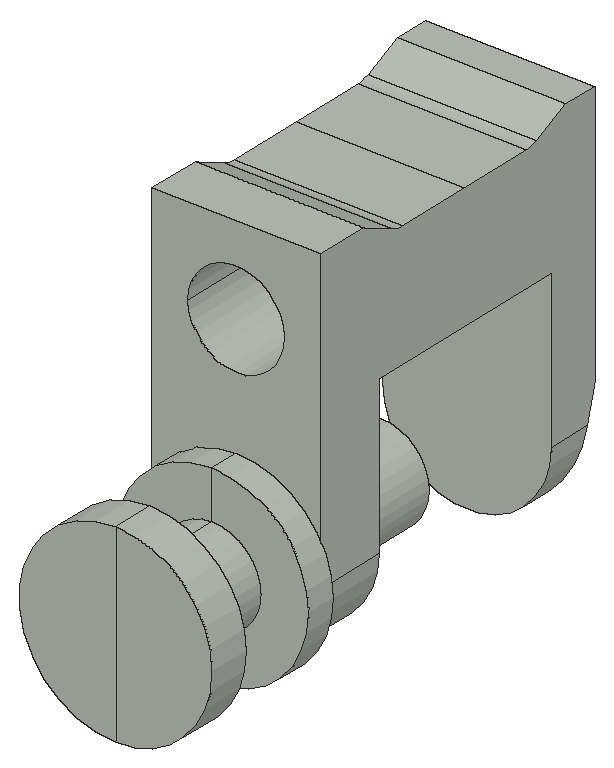
Revit family "Plumbing_Joints_Aignep_Threaded-Clamp-Hanger-90860", category Pipe Accessories, host Face, Revit 2018
Family settings
  Host = Face
  Round Connector Dimension = Use Diameter
  Part Type = Normal
  OmniClass Number = 23.27.43.00
  OmniClass Title = Pipe Fittings
  Cut with Voids When Loaded = No
  Shared = No
Parameters (values of type "90861")
  URL = "https://www.aignep.com/"
  QR code = "https://www.bimobject.com/aignep/product/threaded-clamp-hanger-90861"
  Product url = "https://www.aignep.com/eng/Pipe-fittings-INFINITY/Air-Pipeline-INFINITY-Series/THREADED-CLAMP-HANGER"
  Product name = "Threaded Clamp Hanger - 90861"
  Product group = "Fittings"
  Product family = "INFINITY"
  Product data url = "https://www.bimobject.com/aignep/product/threaded-clamp-hanger-90861"
  Product certification = "https://www.aignep.com/eng/Certificazioni/FREE-OF-SILICON"
  Product SKU = "Threaded-Clamp-Hanger-90861"
  Product Material = AIGNEP - Steel - Brushed
  Product Guid = "5afffd7f-b1a5-446c-9dcc-7c3c883e4ecb"
  OmniClass Description = "Pipe Fittings"
  OmniClass Code = "23-27 43 00"
  Model = "90861"
  Material main = "Steel"
  Manufacturer name = "Aignep Spa"
  Manufacturer country = "Italy"
  Manufacturer = "Aignep Spa"  # constant formula
  M = 8 mm
  Keynote = "15400"
  K = 18 mm
  IFC Classification = "Pipe Fitting"
  Edition number = 1
  Design country = "Italy"
  Description = "Threaded clamp hanger"  # constant formula
  Default Elevation = 1219.2 mm
  BIMobject category = "Joints"
  Assembly Code = "D2040100"
  Article Code = "90861 00 001"  # constant formula
Reference planes
  plane 1 "Center (Front/Back)": y = 0
  plane 2: z = 0
  plane 3 "Center (Left/Right)": x = 0
  plane 4: y = 9
  plane 5: y = -9
  plane 6: x = -7
  plane 7: x = 7
  plane 8: y = 13.459
  plane 9: y = -15.002
  plane 10: y = 13.459
  plane 11: y = -15.002
Forms (mm)
  Extrusion 1, solid, material "AIGNEP - Steel - Brushed" <- "Product Material", detail levels fine
    sketch origin (0, 0, 0) x (0, 1, 0) y (0, 0, 1)
      loop
        line (9, 0) -> (9, -20) -> (10.966, -20) -> (13.459, -10) -> (13.459, 11.902) -> (10.489, 11.902) -> (7.479, 10.498)
        arc (7.479, 10.498) -> (6.963, 10.323) -> (6.421, 10.263) r 2.502
        line (6.421, 10.263) -> (0, 10.263) -> (-6.422, 10.263)
        arc (-6.422, 10.263) -> (-6.963, 10.322) -> (-7.478, 10.497) r 2.5
        line (-7.478, 10.497) -> (-10.489, 11.902) -> (-15.002, 11.902) -> (-15.002, -20) -> (-9, -20) -> (-9, 0) -> (9, 0)
    from -7 to 7
  Extrusion 2, void
    sketch origin (0, 0, 0) x (0, 1, 0) y (0, 0, 1)
      loop
        line (13.459, 0) -> (9, 0) -> (9, -20) -> (10.966, -20) -> (13.459, -10) -> (13.459, 0)
      loop
        line (-15.002, 0) -> (-15.002, -20) -> (-9, -20) -> (-9, 0) -> (-15.002, 0)
    from -7 to 7
  Extrusion 3, void
    sketch origin (0, 0, 0) x (1, 0, 0) y (0, 0, 1)
      loop
        line (-7, -13.064) -> (-7, -20.35) -> (7, -20.35) -> (7, -13.064)
        arc (7, -13.064) -> (0, -20.064) -> (-7, -13.064) r 7
    from -13.459 to 15.002
  Extrusion 4, void
    sketch origin (0, 0, 0) x (1, 0, 0) y (0, 0, 1)
      loop
        circle (0, 4.621) r 4
    from -13.459 to 15.002
  Extrusion 5, void
    sketch origin (0, 0, 0) x (1, 0, 0) y (0, 0, 1)
      loop
        circle (0, -13.376) r 4
    from -9 to 15.002
  Revolve 6, solid, material "AIGNEP - Steel - Brushed" <- "Product Material", detail levels fine
    sketch origin (0, 0, 0) x (0, 1, 0) y (0, 0, 1)
      loop
        line (0, -13.376) -> (0, -9.377) -> (-15.002, -9.377) -> (-15.002, -5.37) -> (-17.499, -5.37) -> (-17.499, -9.377) -> (-24.003, -9.377) -> (-24.003, -5.37) -> (-27.516, -5.37) -> (-27.516, -13.376) -> (0, -13.376)
      axis (0, -13.376) -> (-27.516, -13.376)
    angle from 0 to 360
  Extrusion 7, void
    sketch origin (0, 0, 0) x (1, 0, 0) y (0, 0, 1)
      loop
        circle (0, -13.376) r 8.006
    from 15.002 to 27.516
  Extrusion 8, solid, material "AIGNEP - Steel - Brushed" <- "Product Material", detail levels medium
    sketch origin (0, 0, 0) x (0, 1, 0) y (0, 0, 1)
      loop
        line (9, 0) -> (9, -20) -> (10.966, -20) -> (13.459, -10) -> (13.459, 11.902) -> (10.489, 11.902) -> (7.479, 10.498)
        arc (7.479, 10.498) -> (6.963, 10.323) -> (6.421, 10.263) r 2.502
        line (6.421, 10.263) -> (0, 10.263) -> (-6.422, 10.263)
        arc (-6.422, 10.263) -> (-6.963, 10.322) -> (-7.478, 10.497) r 2.5
        line (-7.478, 10.497) -> (-10.489, 11.902) -> (-15.002, 11.902) -> (-15.002, -20) -> (-9, -20) -> (-9, 0) -> (9, 0)
    from -7 to 7
  Extrusion 9, solid, material "AIGNEP - Steel - Brushed" <- "Product Material", detail levels coarse
    sketch origin (0, 0, 0) x (0, 1, 0) y (0, 0, 1)
      loop
        line (9, 0) -> (9, -20) -> (13.459, -20) -> (13.459, 11.902) -> (10.489, 11.902) -> (-10.489, 11.902) -> (-15.002, 11.902) -> (-15.002, -20) -> (-9, -20) -> (-9, 0) -> (9, 0)
    from -7 to 7
Cuts and joins
  Extrusion 3, Extrusion 4, Extrusion 5, Extrusion 7 cuts Extrusion 1
  Extrusion 3 cuts Extrusion 8
Lines and regions (mm)
  Masking region 1
    outline origin (0, 0, 0) x (1, 0, 0) y (0, 1, 0)
      loop
        line (-7, 13.459) -> (-7, -15.002) -> (7, -15.002) -> (7, 13.459) -> (-7, 13.459)
  Masking region 2, detail levels fine
    outline origin (0, 0, 0) x (1, 0, 0) y (0, 1, 0)
      loop
        line (-7, -15.002) -> (-8, -15.002) -> (-8, -17.503) -> (-7, -17.503) -> (-3.985, -17.503) -> (-3.985, -24.003) -> (-8, -24.003) -> (-8, -27.515) -> (0, -27.515) -> (8, -27.515) -> (8, -24.003) -> (3.985, -24.003) -> (3.985, -17.503) -> (7, -17.503) -> (8, -17.503) -> (8, -15.002) -> (7, -15.002) -> (-7, -15.002)
  Masking region 3, detail levels coarse
    outline origin (0, 0, 0) x (1, 0, 0) y (0, 0, 1)
      loop
        line (-7, 11.902) -> (-7, -20) -> (7, -20) -> (7, 11.902) -> (-7, 11.902)
  Masking region 4, detail levels medium
    outline origin (0, 0, 0) x (1, 0, 0) y (0, 0, 1)
      loop
        line (-7, 11.902) -> (-7, -13.064)
        arc (-7, -13.064) -> (0, -20.064) -> (7, -13.064) r 7
        line (7, -13.064) -> (7, 11.902) -> (-7, 11.902)
  Masking region 5, detail levels fine
    outline origin (0, 0, 0) x (1, 0, 0) y (0, 0, 1)
      loop
        line (-7, 11.902) -> (-7, -9.493)
        arc (-7, -9.493) -> (0, -21.38) -> (7, -9.493) r 8.004
        line (7, -9.493) -> (7, 11.902) -> (-7, 11.902)
  symbolic lines, detail levels fine
    curve 1: line (-3.985, -17.503, 0) -> (3.985, -17.503, 0)
    curve 2: line (-3.985, -24.003, 0) -> (3.985, -24.003, 0)
    curve 3: arc (-7, 0, -9.493) -> (0, 0, -5.37) -> (7, 0, -9.493) r 8.004
    curve 4: arc (4, 0, 4.621) -> (0, 0, 0.621) -> (-4, 0, 4.621) r 4
    curve 5: arc (-4, 0, 4.621) -> (0, 0, 8.621) -> (4, 0, 4.621) r 4
Dimensions and locks
  locked: plane 7 to plane 6 at 14
  equal spacing: plane 7, plane 3 "Center (Left/Right)", plane 6
  locked: plane 5 to plane 9 at 6.002
  locked: plane 8 to plane 4 at 4.459
  locked: plane 10 to plane 4 at 4.459
  locked: plane 5 to plane 11 at 6.002
  "K": plane 4 to plane 5
  "M": diameter of Extrusion 4 sketch curve
  aligned and locked: plane 2 to host face
  aligned and locked: level to host face
  aligned and locked: Extrusion 1 to plane 6
  aligned and locked: Extrusion 1 to plane 7
  aligned and locked: Extrusion 3 sketch curve to plane 6
  aligned and locked: Extrusion 3 sketch curve to plane 7
  aligned and locked: cut or joined group of Extrusion 1, Extrusion 3, Extrusion 4, Extrusion 5, Extrusion 7 to plane 10  (x2)
  aligned and locked: plane 11 to cut or joined group of Extrusion 1, Extrusion 3, Extrusion 4, Extrusion 5, Extrusion 7  (x3)
  aligned and locked: cut or joined group of Extrusion 1, Extrusion 3, Extrusion 4, Extrusion 5, Extrusion 7 to plane 4
  aligned and locked: cut or joined group of Extrusion 1, Extrusion 3, Extrusion 4, Extrusion 5, Extrusion 7 to plane 11
  aligned and locked: plane 1 "Center (Front/Back)" to Revolve 6 sketch curve
  aligned and locked: plane 10 to Extrusion 9 sketch curve
  aligned and locked: plane 6 to Masking region 1 sketch curve
  aligned and locked: plane 10 to Masking region 1 sketch curve
  aligned and locked: plane 7 to Masking region 1 sketch curve
  aligned and locked: Masking region 1 sketch curve to plane 11
  aligned and locked: Masking region 4 sketch curve to plane 6
  aligned and locked: Masking region 4 sketch curve to plane 7
Automatic sketch dimensions
  host sketch curve to host sketch curve = 2438.4 mm  (x2)
  Extrusion 1 sketch curve to plane 11 = 0 mm
  Extrusion 1 sketch curve to level = 0 mm
  Extrusion 1 sketch curve to plane 5 = 0 mm
  Extrusion 1 sketch curve to plane 1 "Center (Front/Back)" = 0 mm
  Extrusion 1 sketch curve to plane 4 = 0 mm
  Extrusion 1 sketch curve to plane 10 = 0 mm
  Extrusion 1 sketch curve to plane 5 = 1.489 mm
  plane 5 to Extrusion 1 sketch curve = 1.522 mm
  Extrusion 1 sketch curve to Extrusion 1 sketch curve = 1.057 mm  (x2)
  plane 4 to Extrusion 1 sketch curve = 2.579 mm
  Extrusion 1 sketch curve to plane 4 = 1.489 mm
  Extrusion 1 sketch curve to plane 4 = 1.966 mm
  Extrusion 1 sketch curve to level = 10 mm
  Extrusion 1 sketch curve to level = 20 mm
  Extrusion 1 sketch curve to Extrusion 1 sketch curve = 10 mm
  level to Extrusion 1 sketch curve = 10.263 mm
  Extrusion 1 sketch curve to Extrusion 1 sketch curve = 0.234 mm  (x2)
  Extrusion 1 sketch curve to Extrusion 1 sketch curve = 1.404 mm  (x2)
  Extrusion 2 sketch curve to plane 9 = 0 mm
  Extrusion 2 sketch curve to plane 5 = 0 mm
  Extrusion 2 sketch curve to level = 0 mm  (x2)
  Extrusion 2 sketch curve to plane 4 = 0 mm
  Extrusion 2 sketch curve to plane 8 = 0 mm
  Extrusion 2 sketch curve to Extrusion 2 sketch curve = 1.966 mm
  Extrusion 2 sketch curve to level = 10 mm
  Extrusion 2 sketch curve to level = 20 mm
  Extrusion 2 sketch curve to Extrusion 2 sketch curve = 10 mm
  Extrusion 3 sketch curve to level = 20.35 mm
  Extrusion 3 sketch curve to Extrusion 3 sketch curve = 7.286 mm
  Extrusion 5 sketch curve to plane 3 "Center (Left/Right)" = 0 mm
  Extrusion 5 sketch curve to level = 13.376 mm
  Extrusion 7 sketch curve to Extrusion 7 sketch curve = 0 mm  (x2)
  Extrusion 7 sketch curve to plane 3 "Center (Left/Right)" = 0 mm
  Extrusion 7 sketch curve to level = 13.376 mm
  Extrusion 7 sketch curve to Extrusion 7 sketch curve = 8.006 mm
  Extrusion 8 sketch curve to plane 11 = 0 mm
  Extrusion 8 sketch curve to level = 0 mm
  Extrusion 8 sketch curve to plane 5 = 0 mm
  Extrusion 8 sketch curve to plane 1 "Center (Front/Back)" = 0 mm
  Extrusion 8 sketch curve to plane 4 = 0 mm
  Extrusion 8 sketch curve to plane 10 = 0 mm
  Extrusion 8 sketch curve to plane 5 = 1.489 mm
  plane 5 to Extrusion 8 sketch curve = 1.522 mm
  Extrusion 8 sketch curve to Extrusion 8 sketch curve = 1.057 mm  (x2)
  plane 4 to Extrusion 8 sketch curve = 2.579 mm
  Extrusion 8 sketch curve to plane 4 = 1.489 mm
  Extrusion 8 sketch curve to plane 4 = 1.966 mm
  Extrusion 8 sketch curve to level = 10 mm
  Extrusion 8 sketch curve to level = 20 mm
  Extrusion 8 sketch curve to Extrusion 8 sketch curve = 10 mm
  level to Extrusion 8 sketch curve = 10.263 mm
  Extrusion 8 sketch curve to Extrusion 8 sketch curve = 0.234 mm  (x2)
  Extrusion 8 sketch curve to Extrusion 8 sketch curve = 1.404 mm  (x2)
  Extrusion 9 sketch curve to plane 11 = 0 mm
  Extrusion 9 sketch curve to level = 0 mm
  Extrusion 9 sketch curve to plane 5 = 0 mm
  Extrusion 9 sketch curve to plane 4 = 0 mm
  Extrusion 9 sketch curve to level = 20 mm
  level to Extrusion 9 sketch curve = 11.902 mm
  Extrusion 9 sketch curve to plane 5 = 1.489 mm
  Extrusion 9 sketch curve to plane 4 = 1.489 mm
  Extrusion 9 sketch curve to Extrusion 9 sketch curve = 0 mm
  Masking region 2 sketch curve to plane 6 = 0 mm  (x2)
  Masking region 2 sketch curve to plane 3 "Center (Left/Right)" = 0 mm
  Masking region 2 sketch curve to plane 7 = 0 mm  (x2)
  plane 11 to Masking region 2 sketch curve = 0 mm
  Masking region 2 sketch curve to plane 6 = 1 mm  (x2)
  plane 6 to Masking region 2 sketch curve = 3.015 mm
  Masking region 2 sketch curve to Masking region 2 sketch curve = 3.015 mm
  Masking region 2 sketch curve to plane 7 = 1 mm  (x2)
  Masking region 2 sketch curve to Masking region 2 sketch curve = 2.501 mm
  plane 11 to Masking region 2 sketch curve = 2.501 mm
  Masking region 2 sketch curve to Masking region 2 sketch curve = 6.5 mm  (x2)
  Masking region 2 sketch curve to Masking region 2 sketch curve = 3.512 mm
  plane 6 to curve 2 = 3.015 mm
  plane 11 to curve 2 = 9.001 mm
  plane 6 to curve 1 = 3.015 mm
  plane 7 to curve 2 = 3.015 mm
  plane 7 to curve 1 = 3.015 mm
  plane 11 to curve 1 = 2.501 mm
  Masking region 3 sketch curve to plane 6 = 0 mm
  plane 7 to Masking region 3 sketch curve = 0 mm
  Masking region 3 sketch curve to level = 20 mm
  level to Masking region 3 sketch curve = 11.902 mm
  Masking region 4 sketch curve to level = 13.064 mm
  level to Masking region 4 sketch curve = 11.902 mm
  Masking region 5 sketch curve to plane 6 = 0 mm
  Masking region 5 sketch curve to plane 3 "Center (Left/Right)" = 0 mm
  plane 7 to Masking region 5 sketch curve = 0 mm
  Masking region 5 sketch curve to level = 13.376 mm
  level to Masking region 5 sketch curve = 11.902 mm
  Masking region 5 sketch curve to Masking region 5 sketch curve = 3.882 mm
  curve 3 to plane 6 = 0 mm
  curve 3 to plane 3 "Center (Left/Right)" = 0 mm
  plane 7 to curve 3 = 0 mm
  curve 3 to level = 13.374 mm
  curve 3 to curve 3 = 3.881 mm
  curve 4 to curve 5 = 0 mm  (x2)
  curve 5 to plane 3 "Center (Left/Right)" = 0 mm
  level to curve 4 = 4.621 mm
  plane 6 to curve 5 = 3 mm
  Revolve 6 sketch curve to plane 11 = 0 mm
  Revolve 6 sketch curve to Revolve 6 sketch curve = 2.498 mm
  Revolve 6 sketch curve to Revolve 6 sketch curve = 6.504 mm
  Revolve 6 sketch curve to Revolve 6 sketch curve = 3.513 mm
  Revolve 6 sketch curve to level = 13.376 mm
  Revolve 6 sketch curve to level = 9.377 mm
  Revolve 6 sketch curve to Revolve 6 sketch curve = 3.999 mm
  Revolve 6 sketch curve to Revolve 6 sketch curve = 4.007 mm  (x2)
  Revolve 6 sketch curve to Revolve 6 sketch curve = 0.929 mm
  Revolve 6 sketch curve to Revolve 6 sketch curve = 4.071 mm
  Revolve 6 sketch curve to Revolve 6 sketch curve = 0 mm
  Extrusion 4 sketch curve to plane 3 "Center (Left/Right)" = 0 mm
  level to Extrusion 4 sketch curve = 4.621 mm
  radius of Extrusion 5 sketch curve = 4 mm
